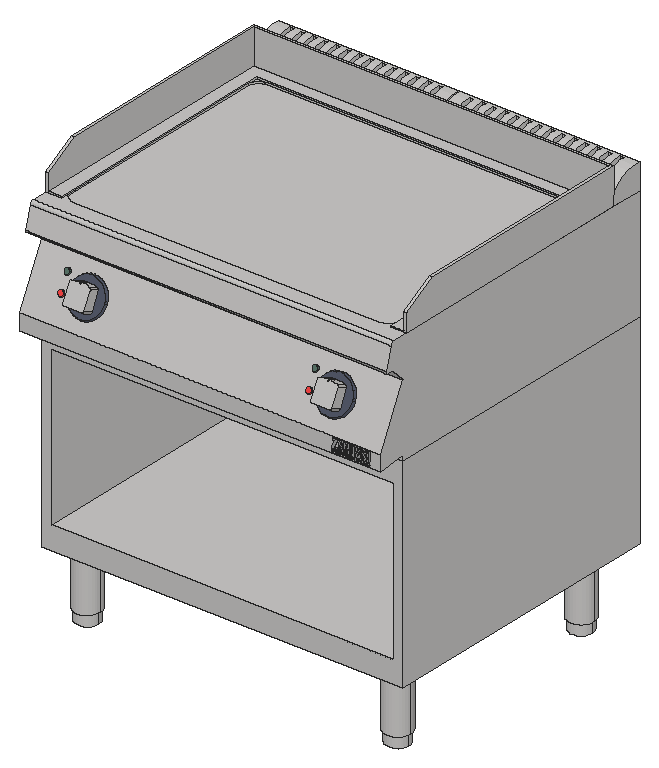
Revit family "QF_ZANUSSI_372346_Z7IIKDBLMEA", category Specialty Equipment, Revit 2018 (continued)
Definition of nested family "ZAN_Logo_S_Grey_Professional"
  Forms (mm)
    Extrusion 2, solid, material <- "Materiale"
      sketch origin (17.793, -46.218, 0) x (-1, 0, 0) y (0, -1, 0)
        loop
          spline (-5.422, -40.934) -> (-5.367, -40.392) -> (-5.333, -39.839) -> (-5.323, -39.279) -> (-5.342, -38.719) -> (-5.395, -38.162) -> (-5.485, -37.613) -> (-5.616, -37.077) -> (-5.795, -36.559) -> (-6.024, -36.064) -> (-6.308, -35.597) -> (-6.651, -35.162) -> (-7.059, -34.764)
          spline (-7.059, -34.764) -> (-7.58, -34.383) -> (-8.132, -34.06) -> (-8.711, -33.794) -> (-9.311, -33.584) -> (-9.927, -33.43) -> (-10.553, -33.331) -> (-11.184, -33.288) -> (-11.816, -33.299) -> (-12.442, -33.365) -> (-13.057, -33.484) -> (-13.657, -33.657) -> (-14.236, -33.882)
          spline (-14.236, -33.882) -> (-14.49, -33.99) -> (-14.747, -34.121) -> (-15.006, -34.276) -> (-15.262, -34.451) -> (-15.515, -34.646) -> (-15.763, -34.858) -> (-16.003, -35.086) -> (-16.232, -35.328) -> (-16.45, -35.582) -> (-16.653, -35.847) -> (-16.839, -36.12) -> (-17.007, -36.401)
          spline (-17.007, -36.401) -> (-17.229, -37.006) -> (-17.395, -37.624) -> (-17.502, -38.25) -> (-17.552, -38.882) -> (-17.544, -39.515) -> (-17.479, -40.147) -> (-17.355, -40.773) -> (-17.174, -41.391) -> (-16.936, -41.996) -> (-16.639, -42.586) -> (-16.285, -43.157) -> (-15.873, -43.704)
          line (-15.873, -43.704) -> (-10.584, -48.489) -> (-9.955, -50.126) -> (-10.459, -51.386) -> (-11.592, -51.638) -> (-12.851, -50.756) -> (-12.977, -48.238) -> (-17.258, -48.112)
          spline (-17.258, -48.112) -> (-17.236, -48.492) -> (-17.23, -48.875) -> (-17.233, -49.261) -> (-17.24, -49.646) -> (-17.245, -50.03) -> (-17.243, -50.41) -> (-17.227, -50.785) -> (-17.193, -51.152) -> (-17.134, -51.512) -> (-17.046, -51.86) -> (-16.921, -52.196) -> (-16.755, -52.519)
        loop
          line (-18.014, -33.378) -> (-22.421, -33.378) -> (-22.421, -54.911) -> (-18.014, -54.911) -> (-18.014, -33.378)
        loop
          line (14.852, -38.541) -> (14.852, -54.911) -> (19.259, -54.911) -> (19.259, -40.43) -> (19.008, -36.904) -> (18.63, -36.023) -> (17.748, -34.89) -> (16.867, -34.26) -> (15.104, -33.504) -> (14.223, -33.378) -> (12.208, -33.378) -> (11.2, -33.63) -> (9.689, -34.512) -> (7.926, -37.03) -> (7.8, -37.912) -> (7.8, -54.911) -> (12.208, -54.911) -> (12.208, -38.919) -> (12.711, -37.786) -> (14.097, -37.66) -> (14.852, -38.541)
        loop
          line (20.267, -54.911) -> (24.296, -54.911) -> (24.296, -41.186) -> (27.948, -54.911) -> (32.607, -54.911) -> (32.607, -33.378) -> (28.704, -33.378) -> (28.704, -47.608) -> (25.052, -33.378) -> (20.267, -33.378) -> (20.267, -54.911)
        loop
          line (47.089, -54.911) -> (58.044, -54.911) -> (58.044, -50.882) -> (52.251, -51.008) -> (58.548, -37.786) -> (58.548, -33.378) -> (47.089, -33.378) -> (47.089, -37.786) -> (53.698, -37.786) -> (47.089, -51.26) -> (47.089, -54.911)
        loop
          line (36.889, -54.911) -> (42.933, -54.911) -> (46.837, -33.378) -> (42.303, -33.378) -> (41.674, -37.534) -> (38.022, -37.534) -> (37.392, -33.378) -> (32.859, -33.378) -> (36.889, -54.911)
        loop
          line (41.17, -41.438) -> (38.652, -41.438) -> (39.911, -51.231) -> (41.17, -41.438)
        loop
          line (57.627, -27.599) -> (56.511, -27.599)
          arc (56.511, -27.599) -> (55.334, -29.219) -> (56.822, -30.559) r 1.496
          line (56.822, -30.559) -> (58.548, -30.559) -> (58.548, -26.082) -> (57.627, -26.082) -> (57.627, -27.599)
        loop
          line (57.627, -29.713) -> (57.627, -28.464) -> (56.699, -28.464)
          arc (56.699, -28.464) -> (56.24, -29.089) -> (56.699, -29.713) r 0.654
          line (56.699, -29.713) -> (57.627, -29.713)
        loop
          line (50.633, -27.625) -> (49.682, -27.625) -> (48.755, -26.082) -> (47.711, -26.082) -> (48.871, -27.993)
          arc (48.871, -27.993) -> (48.433, -29.601) -> (49.798, -30.559) r 1.45
          line (49.798, -30.559) -> (51.553, -30.559) -> (51.553, -26.082) -> (50.633, -26.082) -> (50.633, -27.625)
        loop
          line (50.633, -29.713) -> (50.633, -28.464) -> (49.705, -28.464)
          arc (49.705, -28.464) -> (49.245, -29.089) -> (49.705, -29.713) r 0.654
          line (49.705, -29.713) -> (50.633, -29.713)
        loop
          line (36.111, -26.082) -> (35.19, -26.082) -> (35.19, -27.797) -> (33.505, -27.797) -> (33.505, -28.718) -> (35.19, -28.718) -> (35.19, -29.639) -> (33.344, -29.639) -> (33.344, -30.559) -> (36.111, -30.559) -> (36.111, -26.082)
        loop
          line (29.546, -26.082) -> (26.666, -26.082) -> (26.666, -27.002) -> (28.626, -27.002) -> (28.626, -27.797) -> (26.835, -27.797) -> (26.835, -28.718) -> (28.626, -28.718) -> (28.626, -29.639) -> (26.71, -29.639) -> (26.71, -30.559) -> (29.546, -30.559) -> (29.546, -26.082)
        loop
          line (9.21, -26.082) -> (8.289, -26.082) -> (8.289, -30.559) -> (9.21, -30.559) -> (9.21, -26.082)
        loop
          line (-5.024, -26.082) -> (-5.024, -28.898) -> (-7.072, -26.082) -> (-7.993, -26.082) -> (-7.993, -30.559) -> (-7.037, -30.559) -> (-7.037, -27.659) -> (-4.989, -30.559) -> (-4.069, -30.559) -> (-4.069, -26.082) -> (-5.024, -26.082)
        loop
          line (-11.621, -26.082) -> (-12.61, -26.082) -> (-13.045, -27.048) -> (-14.702, -27.048) -> (-15.137, -26.082) -> (-16.125, -26.082) -> (-14.375, -30.558) -> (-13.454, -30.558) -> (-11.621, -26.082)
        loop
          line (-19.779, -26.082) -> (-22.421, -26.082) -> (-22.421, -27.002) -> (-20.7, -27.002) -> (-20.7, -30.559) -> (-19.779, -30.559) -> (-19.779, -26.082)
        loop
          line (-13.875, -29.102) -> (-13.395, -27.931) -> (-14.333, -27.931) -> (-13.875, -29.102)
        loop
          circle (2.094, -28.293) r 1.482
        loop
          circle (2.094, -28.293) r 2.376
        loop
          arc (16.413, -27.085) -> (15.386, -26.141) -> (13.991, -26.107) r 1.985
          arc (13.991, -26.107) -> (13.047, -26.998) -> (13.375, -28.254) r 1.274
          arc (13.375, -28.254) -> (14.04, -28.662) -> (14.749, -28.985) r 6.355
          arc (14.749, -28.985) -> (15.14, -29.579) -> (14.494, -29.876) r 0.469
          arc (14.494, -29.876) -> (14.107, -29.64) -> (13.784, -29.321) r 1.958
          line (13.784, -29.321) -> (12.995, -29.795)
          arc (12.995, -29.795) -> (13.493, -30.326) -> (14.109, -30.712) r 2.834
          arc (14.109, -30.712) -> (16.031, -29.813) -> (14.826, -28.067) r 1.389
          spline (14.826, -28.067) -> (14.485, -27.906) -> (14.237, -27.756) -> (14.069, -27.617) -> (13.971, -27.49) -> (13.931, -27.375) -> (13.937, -27.273) -> (13.977, -27.185) -> (14.041, -27.112) -> (14.116, -27.053) -> (14.191, -27.011) -> (14.254, -26.985) -> (14.293, -26.976)
          arc (14.293, -26.976) -> (15.035, -26.992) -> (15.586, -27.489) r 1.064
          line (15.586, -27.489) -> (16.413, -27.085)
        loop
          arc (23.156, -27.085) -> (22.129, -26.141) -> (20.734, -26.107) r 1.985
          arc (20.734, -26.107) -> (19.79, -26.998) -> (20.118, -28.254) r 1.274
          arc (20.118, -28.254) -> (20.783, -28.662) -> (21.492, -28.985) r 6.355
          arc (21.492, -28.985) -> (21.883, -29.579) -> (21.237, -29.876) r 0.469
          arc (21.237, -29.876) -> (20.849, -29.64) -> (20.527, -29.321) r 1.958
          line (20.527, -29.321) -> (19.738, -29.795)
          arc (19.738, -29.795) -> (20.236, -30.326) -> (20.852, -30.712) r 2.834
          arc (20.852, -30.712) -> (22.774, -29.813) -> (21.568, -28.067) r 1.389
          spline (21.568, -28.067) -> (21.228, -27.906) -> (20.979, -27.756) -> (20.812, -27.617) -> (20.714, -27.49) -> (20.674, -27.375) -> (20.68, -27.273) -> (20.72, -27.185) -> (20.784, -27.112) -> (20.859, -27.053) -> (20.933, -27.011) -> (20.996, -26.985) -> (21.036, -26.976)
          arc (21.036, -26.976) -> (21.778, -26.992) -> (22.329, -27.489) r 1.064
          line (22.329, -27.489) -> (23.156, -27.085)
        loop
          circle (42.369, -28.293) r 1.482
        loop
          circle (42.369, -28.293) r 2.376
      from 0 to 1.644
  Dimensions and locks
    aligned and locked: plane 2 to Extrusion 1
    aligned and locked: level to Extrusion 1
